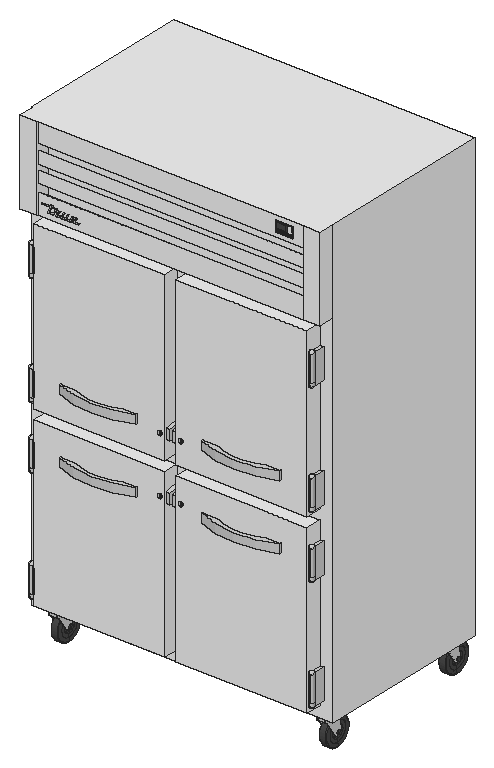
Revit family (continued)
Automatic sketch dimensions
  Extrusion 9 sketch curve to Extrusion 9 sketch curve = 0.06385"
  Extrusion 9 sketch curve to Extrusion 9 sketch curve = 0.02906"
  Extrusion 9 sketch curve to Extrusion 9 sketch curve = 0.02851"
  Extrusion 9 sketch curve to Extrusion 9 sketch curve = 0.29237"
  Extrusion 9 sketch curve to Extrusion 9 sketch curve = 0.00537"
  Extrusion 9 sketch curve to Extrusion 9 sketch curve = 0.0406"
  Extrusion 9 sketch curve to Extrusion 9 sketch curve = 0.04327"
  Extrusion 9 sketch curve to Extrusion 9 sketch curve = 0.02615"
  Extrusion 9 sketch curve to Extrusion 9 sketch curve = 0.11806"
  Extrusion 9 sketch curve to Extrusion 9 sketch curve = 0.15103"
  Extrusion 9 sketch curve to Extrusion 9 sketch curve = 0.10007"
  Extrusion 9 sketch curve to Extrusion 9 sketch curve = 0.5254"
  Extrusion 9 sketch curve to Extrusion 9 sketch curve = 0.14787"
  Extrusion 9 sketch curve to plane 6 "TOP" = 13.64562"
  Extrusion 9 sketch curve to Extrusion 9 sketch curve = 0.07275"
  Extrusion 9 sketch curve to Extrusion 9 sketch curve = 0.05776"
  Extrusion 9 sketch curve to Extrusion 9 sketch curve = 0.08631"
  Extrusion 9 sketch curve to Extrusion 9 sketch curve = 0.09282"
  Extrusion 9 sketch curve to Extrusion 9 sketch curve = 0.13018"
  Extrusion 9 sketch curve to Extrusion 9 sketch curve = 0.16714"
  Extrusion 9 sketch curve to Extrusion 9 sketch curve = 0.11061"
  Extrusion 9 sketch curve to Extrusion 9 sketch curve = 0.06046"
  Extrusion 9 sketch curve to Extrusion 9 sketch curve = 0.16548"
  Extrusion 9 sketch curve to Extrusion 9 sketch curve = 0.14279"
  Extrusion 9 sketch curve to Extrusion 9 sketch curve = 0.0496"
  Extrusion 9 sketch curve to Extrusion 9 sketch curve = 0.07293"
  Extrusion 9 sketch curve to Extrusion 9 sketch curve = 0.07764"
  Extrusion 9 sketch curve to Extrusion 9 sketch curve = 0.03794"
  Extrusion 9 sketch curve to Extrusion 9 sketch curve = 0.08552"
  Extrusion 9 sketch curve to Extrusion 9 sketch curve = 0.09296"
  Extrusion 9 sketch curve to Extrusion 9 sketch curve = 0.09314"
  Extrusion 9 sketch curve to Extrusion 9 sketch curve = 0.02781"
  Extrusion 9 sketch curve to Extrusion 9 sketch curve = 0.04981"
  Extrusion 9 sketch curve to Extrusion 9 sketch curve = 0.09315"
  Extrusion 9 sketch curve to Extrusion 9 sketch curve = 0.04799"
  Extrusion 9 sketch curve to Extrusion 9 sketch curve = 0.02531"
  Extrusion 9 sketch curve to Extrusion 9 sketch curve = 0.03054"
  Extrusion 9 sketch curve to Extrusion 9 sketch curve = 0.2589"
  Extrusion 9 sketch curve to Extrusion 9 sketch curve = 0.0674"
  Extrusion 9 sketch curve to Extrusion 9 sketch curve = 0.0324"
  Extrusion 9 sketch curve to Extrusion 9 sketch curve = 0.26185"
  Extrusion 9 sketch curve to Extrusion 9 sketch curve = 11/256"
  Extrusion 9 sketch curve to Extrusion 9 sketch curve = 0.07366"
  Extrusion 9 sketch curve to Extrusion 9 sketch curve = 0.02187"
  Extrusion 9 sketch curve to Extrusion 9 sketch curve = 0.06479"
  Extrusion 9 sketch curve to Extrusion 9 sketch curve = 0.01183"
  Extrusion 9 sketch curve to Extrusion 9 sketch curve = 0.05778"
  Extrusion 9 sketch curve to Extrusion 9 sketch curve = 0.53375"
  Extrusion 9 sketch curve to Extrusion 9 sketch curve = 0.23098"
  Extrusion 9 sketch curve to Extrusion 9 sketch curve = 0"
  Extrusion 9 sketch curve to Extrusion 9 sketch curve = 0.05045"
  Extrusion 9 sketch curve to Extrusion 9 sketch curve = 0.09139"
  Extrusion 9 sketch curve to Extrusion 9 sketch curve = 29/128"  (x3)
  Extrusion 10 sketch curve to plane 10 = 13/32"
  Extrusion 10 sketch curve to plane 6 "TOP" = 2 1/8"
  plane 5 "FRONT" to Extrusion 11 sketch curve = 0"  (x2)
  plane 9 to Extrusion 11 sketch curve = 4.2625"
  Extrusion 11 sketch curve to Extrusion 11 sketch curve = 2.4"  (x2)
  plane 8 to Extrusion 11 sketch curve = 12 13/32"
  Extrusion 11 sketch curve to Extrusion 11 sketch curve = 0"
  plane 5 "FRONT" to Extrusion 11 sketch curve = 0.2"
  Extrusion 11 sketch curve to plane 5 "FRONT" = 7.77899"
  Extrusion 11 sketch curve to Extrusion 11 sketch curve = 7.30945"
  plane 8 to Blend 12 sketch curve = 15/16"  (x2)
  plane 8 to Blend 12 sketch curve = 3/16"
  plane 7 to Blend 12 sketch curve = 35.99169"
  Blend 12 sketch curve to Blend 12 sketch curve = 1 3/4"
  plane 8 to Blend 12 sketch curve = 0.00527"
  plane 7 to Blend 12 sketch curve = 35.3941"
  Blend 12 sketch curve to Blend 12 sketch curve = 2.78233"
  Blend 13 sketch curve to plane 8 = 1 3/32"
  Blend 13 sketch curve to plane 8 = 11/32"
  plane 7 to Blend 13 sketch curve = 37.74169"
  Blend 13 sketch curve to Blend 13 sketch curve = 1 3/4"
  plane 8 to Blend 13 sketch curve = 1 3/32"
  plane 8 to Blend 13 sketch curve = 0.16152"
  Blend 13 sketch curve to plane 7 = 35.3941"
  Blend 13 sketch curve to Blend 13 sketch curve = 2.78233"
  Extrusion 14 sketch curve to plane 5 "FRONT" = 1/2"
  Extrusion 14 sketch curve to Extrusion 14 sketch curve = 0.43503"
  Extrusion 14 sketch curve to Extrusion 14 sketch curve = 0.20453"
  Extrusion 14 sketch curve to Extrusion 14 sketch curve = 1.61044"
  Extrusion 14 sketch curve to plane 6 "TOP" = 24.88873"
  Extrusion 14 sketch curve to Extrusion 14 sketch curve = 0.71221"
  Extrusion 14 sketch curve to Extrusion 14 sketch curve = 4.39928"
  Revolve 15 sketch curve to plane 5 "FRONT" = 0.07771"  (x2)
  Revolve 15 sketch curve to Revolve 15 sketch curve = 0.38242"
  Revolve 15 sketch curve to Revolve 15 sketch curve = 0.38436"
  Revolve 15 sketch curve to plane 5 "FRONT" = 31/64"
  Revolve 15 sketch curve to Revolve 15 sketch curve = 0.40666"
  Revolve 15 sketch curve to Revolve 15 sketch curve = 0"
  Revolve 15 sketch curve to plane 6 "TOP" = 25.07719"
  Revolve 15 sketch curve to Revolve 15 sketch curve = 0.32931"
  Revolve 15 sketch curve to Revolve 15 sketch curve = 0.51246"
  Revolve 15 sketch curve to Revolve 15 sketch curve = 0.05342"
  Revolve 15 sketch curve to Revolve 15 sketch curve = 4.42889"
  Revolve 15 sketch curve to Revolve 15 sketch curve = 0.04281"
  Revolve 15 sketch curve to Revolve 15 sketch curve = 0.18929"
  Revolve 15 sketch curve to Revolve 15 sketch curve = 0.55526"
  Extrusion 16 sketch curve to plane 9 = 0.96009"
  Extrusion 16 sketch curve to Extrusion 16 sketch curve = 0.39759"
  Extrusion 16 sketch curve to plane 6 "TOP" = 24.12421"
  Extrusion 16 sketch curve to Extrusion 16 sketch curve = 4.47281"
  Extrusion 17 sketch curve to plane 5 "FRONT" = 1/2"
  Extrusion 17 sketch curve to Extrusion 17 sketch curve = 0.43503"
  Extrusion 17 sketch curve to Extrusion 17 sketch curve = 0.20453"
  Extrusion 17 sketch curve to Extrusion 17 sketch curve = 1.61044"
  plane 7 to Extrusion 17 sketch curve = 33.61127"
  Extrusion 17 sketch curve to Extrusion 17 sketch curve = 0.71221"
  Extrusion 17 sketch curve to Extrusion 17 sketch curve = 4.39928"
  Revolve 18 sketch curve to plane 5 "FRONT" = 0.07771"  (x2)
  Revolve 18 sketch curve to Revolve 18 sketch curve = 0.38242"
  Revolve 18 sketch curve to Revolve 18 sketch curve = 0.38436"
  Revolve 18 sketch curve to plane 5 "FRONT" = 31/64"
  Revolve 18 sketch curve to Revolve 18 sketch curve = 0.40666"
  Revolve 18 sketch curve to Revolve 18 sketch curve = 0"
  plane 7 to Revolve 18 sketch curve = 33.42281"
  Revolve 18 sketch curve to Revolve 18 sketch curve = 0.32931"
  Revolve 18 sketch curve to Revolve 18 sketch curve = 0.51246"
  Revolve 18 sketch curve to Revolve 18 sketch curve = 0.05342"
  Revolve 18 sketch curve to Revolve 18 sketch curve = 4.42889"
  Revolve 18 sketch curve to Revolve 18 sketch curve = 0.04281"
  Revolve 18 sketch curve to Revolve 18 sketch curve = 0.18929"
  Revolve 18 sketch curve to Revolve 18 sketch curve = 0.55526"
  Extrusion 19 sketch curve to plane 9 = 0.96009"
  Extrusion 19 sketch curve to Extrusion 19 sketch curve = 0.39759"
  plane 7 to Extrusion 19 sketch curve = 34.37579"
  Extrusion 19 sketch curve to Extrusion 19 sketch curve = 4.47281"
  Extrusion 20 sketch curve to plane 5 "FRONT" = 1/2"
  Extrusion 20 sketch curve to Extrusion 20 sketch curve = 0.43503"
  Extrusion 20 sketch curve to Extrusion 20 sketch curve = 0.20453"
  Extrusion 20 sketch curve to Extrusion 20 sketch curve = 1.61044"
  plane 7 to Extrusion 20 sketch curve = 22.61127"
  Extrusion 20 sketch curve to Extrusion 20 sketch curve = 0.71221"
  Extrusion 20 sketch curve to Extrusion 20 sketch curve = 4.39928"
  Revolve 21 sketch curve to plane 5 "FRONT" = 0.07771"  (x2)
  Revolve 21 sketch curve to Revolve 21 sketch curve = 0.38242"
  Revolve 21 sketch curve to Revolve 21 sketch curve = 0.38436"
  Revolve 21 sketch curve to plane 5 "FRONT" = 31/64"
  Revolve 21 sketch curve to Revolve 21 sketch curve = 0.40666"
  Revolve 21 sketch curve to Revolve 21 sketch curve = 0"
  plane 7 to Revolve 21 sketch curve = 22.42281"
  Revolve 21 sketch curve to Revolve 21 sketch curve = 0.32931"
  Revolve 21 sketch curve to Revolve 21 sketch curve = 0.51246"
  Revolve 21 sketch curve to Revolve 21 sketch curve = 0.05342"
  Revolve 21 sketch curve to Revolve 21 sketch curve = 4.42889"
  Revolve 21 sketch curve to Revolve 21 sketch curve = 0.04281"
  Revolve 21 sketch curve to Revolve 21 sketch curve = 0.18929"
  Revolve 21 sketch curve to Revolve 21 sketch curve = 0.55526"
  Extrusion 22 sketch curve to plane 9 = 0.96009"
  Extrusion 22 sketch curve to Extrusion 22 sketch curve = 0.39759"
  plane 7 to Extrusion 22 sketch curve = 23.37579"
  Extrusion 22 sketch curve to Extrusion 22 sketch curve = 4.47281"
  Extrusion 23 sketch curve to plane 5 "FRONT" = 1/2"
  Extrusion 23 sketch curve to Extrusion 23 sketch curve = 0.43503"
  Extrusion 23 sketch curve to Extrusion 23 sketch curve = 0.20453"
  Extrusion 23 sketch curve to Extrusion 23 sketch curve = 1.61044"
  plane 7 to Extrusion 23 sketch curve = 2.86127"
  Extrusion 23 sketch curve to Extrusion 23 sketch curve = 0.71221"
  Extrusion 23 sketch curve to Extrusion 23 sketch curve = 4.39928"
  Revolve 24 sketch curve to plane 5 "FRONT" = 0.07771"  (x2)
  Revolve 24 sketch curve to Revolve 24 sketch curve = 0.38242"
  Revolve 24 sketch curve to Revolve 24 sketch curve = 0.38436"
  Revolve 24 sketch curve to plane 5 "FRONT" = 31/64"
  Revolve 24 sketch curve to Revolve 24 sketch curve = 0.40666"
  Revolve 24 sketch curve to Revolve 24 sketch curve = 0"
  plane 7 to Revolve 24 sketch curve = 2.67281"
  Revolve 24 sketch curve to Revolve 24 sketch curve = 0.32931"
  Revolve 24 sketch curve to Revolve 24 sketch curve = 0.51246"
  Revolve 24 sketch curve to Revolve 24 sketch curve = 0.05342"
  Revolve 24 sketch curve to Revolve 24 sketch curve = 4.42889"
  Revolve 24 sketch curve to Revolve 24 sketch curve = 0.04281"
  Revolve 24 sketch curve to Revolve 24 sketch curve = 0.18929"
  Revolve 24 sketch curve to Revolve 24 sketch curve = 0.55526"
  Extrusion 25 sketch curve to plane 9 = 0.96009"
  Extrusion 25 sketch curve to Extrusion 25 sketch curve = 0.39759"
  plane 7 to Extrusion 25 sketch curve = 3.62579"
  Extrusion 25 sketch curve to Extrusion 25 sketch curve = 4.47281"
  Extrusion 26 sketch curve to plane 5 "FRONT" = 1/2"
  Extrusion 26 sketch curve to Extrusion 26 sketch curve = 0.43503"
  Extrusion 26 sketch curve to Extrusion 26 sketch curve = 0.20453"
  Extrusion 26 sketch curve to Extrusion 26 sketch curve = 1.61044"
  Extrusion 26 sketch curve to plane 6 "TOP" = 19.57271"
  Extrusion 26 sketch curve to Extrusion 26 sketch curve = 4.39928"
  Extrusion 26 sketch curve to Extrusion 26 sketch curve = 0.71221"
  Revolve 27 sketch curve to plane 5 "FRONT" = 0.07771"  (x2)
  Revolve 27 sketch curve to Revolve 27 sketch curve = 0.38242"
  Revolve 27 sketch curve to Revolve 27 sketch curve = 0.38436"
  Revolve 27 sketch curve to plane 5 "FRONT" = 31/64"
  Revolve 27 sketch curve to Revolve 27 sketch curve = 0.40666"
  Revolve 27 sketch curve to Revolve 27 sketch curve = 0"
  Revolve 27 sketch curve to plane 6 "TOP" = 18.75492"
  Revolve 27 sketch curve to Revolve 27 sketch curve = 0.55526"
  Revolve 27 sketch curve to Revolve 27 sketch curve = 0.19474"
  Revolve 27 sketch curve to Revolve 27 sketch curve = 0.14649"
  Revolve 27 sketch curve to Revolve 27 sketch curve = 4.42889"
  Revolve 27 sketch curve to Revolve 27 sketch curve = 0.05342"
  Revolve 27 sketch curve to Revolve 27 sketch curve = 0.51246"
  Revolve 27 sketch curve to Revolve 27 sketch curve = 0.05889"
  plane 10 to Extrusion 28 sketch curve = 0.80384"
  Extrusion 28 sketch curve to Extrusion 28 sketch curve = 0.39759"
  Extrusion 28 sketch curve to plane 6 "TOP" = 19.6514"
  Extrusion 28 sketch curve to Extrusion 28 sketch curve = 4.47281"
  Extrusion 29 sketch curve to plane 5 "FRONT" = 1/2"
  Extrusion 29 sketch curve to Extrusion 29 sketch curve = 0.43503"
  Extrusion 29 sketch curve to Extrusion 29 sketch curve = 0.20453"
  Extrusion 29 sketch curve to Extrusion 29 sketch curve = 1.61044"
  plane 7 to Extrusion 29 sketch curve = 38.92729"
  Extrusion 29 sketch curve to Extrusion 29 sketch curve = 4.39928"
  Extrusion 29 sketch curve to Extrusion 29 sketch curve = 0.71221"
  Revolve 30 sketch curve to plane 5 "FRONT" = 0.07771"  (x2)
  Revolve 30 sketch curve to Revolve 30 sketch curve = 0.38242"
  Revolve 30 sketch curve to Revolve 30 sketch curve = 0.38436"
  Revolve 30 sketch curve to plane 5 "FRONT" = 31/64"
  Revolve 30 sketch curve to Revolve 30 sketch curve = 0.40666"
  Revolve 30 sketch curve to Revolve 30 sketch curve = 0"
  Revolve 30 sketch curve to plane 6 "TOP" = 38.25492"
  Revolve 30 sketch curve to Revolve 30 sketch curve = 0.55526"
  Revolve 30 sketch curve to Revolve 30 sketch curve = 0.19474"
  Revolve 30 sketch curve to Revolve 30 sketch curve = 0.14649"
  Revolve 30 sketch curve to Revolve 30 sketch curve = 4.42889"
  Revolve 30 sketch curve to Revolve 30 sketch curve = 0.05342"
  Revolve 30 sketch curve to Revolve 30 sketch curve = 0.51246"
  Revolve 30 sketch curve to Revolve 30 sketch curve = 0.05889"
  plane 10 to Extrusion 31 sketch curve = 0.80384"
  Extrusion 31 sketch curve to Extrusion 31 sketch curve = 0.39759"
  plane 7 to Extrusion 31 sketch curve = 38.8486"
  Extrusion 31 sketch curve to Extrusion 31 sketch curve = 4.47281"
  Extrusion 32 sketch curve to plane 5 "FRONT" = 1/2"
  Extrusion 32 sketch curve to Extrusion 32 sketch curve = 0.43503"
  Extrusion 32 sketch curve to Extrusion 32 sketch curve = 0.20453"
  Extrusion 32 sketch curve to Extrusion 32 sketch curve = 1.61044"
  plane 7 to Extrusion 32 sketch curve = 27.92729"
  Extrusion 32 sketch curve to Extrusion 32 sketch curve = 4.39928"
  Extrusion 32 sketch curve to Extrusion 32 sketch curve = 0.71221"
  Revolve 33 sketch curve to plane 5 "FRONT" = 0.07771"  (x2)
  Revolve 33 sketch curve to Revolve 33 sketch curve = 0.38242"
  Revolve 33 sketch curve to Revolve 33 sketch curve = 0.38436"
  Revolve 33 sketch curve to plane 5 "FRONT" = 31/64"
  Revolve 33 sketch curve to Revolve 33 sketch curve = 0.40666"
  Revolve 33 sketch curve to Revolve 33 sketch curve = 0"
  plane 7 to Revolve 33 sketch curve = 28.74508"
  Revolve 33 sketch curve to Revolve 33 sketch curve = 0.55526"
  Revolve 33 sketch curve to Revolve 33 sketch curve = 0.19474"
  Revolve 33 sketch curve to Revolve 33 sketch curve = 0.14649"
  Revolve 33 sketch curve to Revolve 33 sketch curve = 4.42889"
  Revolve 33 sketch curve to Revolve 33 sketch curve = 0.05342"
  Revolve 33 sketch curve to Revolve 33 sketch curve = 0.51246"
  Revolve 33 sketch curve to Revolve 33 sketch curve = 0.05889"
  plane 10 to Extrusion 34 sketch curve = 0.80384"
  Extrusion 34 sketch curve to Extrusion 34 sketch curve = 0.39759"
  plane 7 to Extrusion 34 sketch curve = 27.8486"
  Extrusion 34 sketch curve to Extrusion 34 sketch curve = 4.47281"
  Extrusion 35 sketch curve to plane 5 "FRONT" = 1/2"
  Extrusion 35 sketch curve to Extrusion 35 sketch curve = 0.43503"
  Extrusion 35 sketch curve to Extrusion 35 sketch curve = 0.20453"
  Extrusion 35 sketch curve to Extrusion 35 sketch curve = 1.61044"
  plane 7 to Extrusion 35 sketch curve = 8.17729"
  plane 7 to Extrusion 35 sketch curve = 3.57348"
  Extrusion 35 sketch curve to Extrusion 35 sketch curve = 0.71221"
  Revolve 36 sketch curve to plane 5 "FRONT" = 0.07771"  (x2)
  Revolve 36 sketch curve to Revolve 36 sketch curve = 0.38242"
  Revolve 36 sketch curve to Revolve 36 sketch curve = 0.38436"
  Revolve 36 sketch curve to plane 5 "FRONT" = 31/64"
  Revolve 36 sketch curve to Revolve 36 sketch curve = 0.40666"
  Revolve 36 sketch curve to Revolve 36 sketch curve = 0"
  plane 7 to Revolve 36 sketch curve = 8.99508"
  Revolve 36 sketch curve to Revolve 36 sketch curve = 0.55526"
  Revolve 36 sketch curve to Revolve 36 sketch curve = 0.19474"
  Revolve 36 sketch curve to Revolve 36 sketch curve = 0.14649"
  plane 7 to Revolve 36 sketch curve = 3.62689"
  Revolve 36 sketch curve to Revolve 36 sketch curve = 0.05342"
  Revolve 36 sketch curve to Revolve 36 sketch curve = 0.51246"
  Revolve 36 sketch curve to Revolve 36 sketch curve = 0.05889"
  plane 10 to Extrusion 37 sketch curve = 0.80384"
  Extrusion 37 sketch curve to Extrusion 37 sketch curve = 0.39759"
  plane 7 to Extrusion 37 sketch curve = 8.0986"
  plane 7 to Extrusion 37 sketch curve = 3.62579"
  Revolve 38 sketch curve to plane 10 = 1.50773"
  Revolve 38 sketch curve to Revolve 38 sketch curve = 0.48273"
  Revolve 38 sketch curve to plane 10 = 5/8"  (x2)
  Revolve 38 sketch curve to Revolve 38 sketch curve = 0.1"  (x2)
  Revolve 38 sketch curve to Revolve 38 sketch curve = 0.16101"
  plane 10 to Revolve 38 sketch curve = 0.12908"
  plane 10 to Revolve 38 sketch curve = 0.46399"
  plane 10 to Revolve 38 sketch curve = 0.525"
  Revolve 38 sketch curve to Revolve 38 sketch curve = 1/2"
  Revolve 38 sketch curve to Revolve 38 sketch curve = 0.16509"
  Revolve 38 sketch curve to Revolve 38 sketch curve = 0.39592"
  level to Revolve 38 sketch curve = 2 1/2"
  Revolve 38 sketch curve to Revolve 38 sketch curve = 0"
  Revolve 38 sketch curve to Revolve 38 sketch curve = 0.29941"  (x2)
  Revolve 38 sketch curve to Revolve 38 sketch curve = 3/4"  (x4)
  Revolve 38 sketch curve to Revolve 38 sketch curve = 0.59652"
  Revolve 38 sketch curve to Revolve 38 sketch curve = 0.60059"
  Extrusion 39 sketch curve to plane 7 = 0.63926"  (x2)
  Extrusion 39 sketch curve to plane 5 "FRONT" = 3.79864"
  Extrusion 39 sketch curve to Extrusion 39 sketch curve = 1/4"  (x2)
  level to Extrusion 39 sketch curve = 2.18736"  (x2)
  Extrusion 39 sketch curve to Extrusion 39 sketch curve = 1.7492"
  Extrusion 39 sketch curve to Extrusion 39 sketch curve = 0.50669"  (x2)
  Extrusion 39 sketch curve to Extrusion 39 sketch curve = 2 1/2"
  level to Extrusion 39 sketch curve = 2.59003"
  Extrusion 39 sketch curve to Extrusion 39 sketch curve = 0.59966"  (x2)
  plane 1 "BACK" to Extrusion 39 sketch curve = 3.8577"
  plane 1 "BACK" to Extrusion 39 sketch curve = 1.8585"
  plane 1 "BACK" to Extrusion 39 sketch curve = 1.1077"
  Extrusion 39 sketch curve to Extrusion 39 sketch curve = 0.32905"
  Extrusion 39 sketch curve to Extrusion 39 sketch curve = 0.60485"  (x2)
  Extrusion 40 sketch curve to plane 7 = 0.63926"  (x2)
  Extrusion 40 sketch curve to plane 5 "FRONT" = 3.79864"
  Extrusion 40 sketch curve to Extrusion 40 sketch curve = 1/4"  (x2)
  level to Extrusion 40 sketch curve = 2.18736"  (x2)
  Extrusion 40 sketch curve to Extrusion 40 sketch curve = 1.7492"
  Extrusion 40 sketch curve to Extrusion 40 sketch curve = 0.50669"  (x2)
  Extrusion 40 sketch curve to Extrusion 40 sketch curve = 2 1/2"
  level to Extrusion 40 sketch curve = 2.59003"
  Extrusion 40 sketch curve to Extrusion 40 sketch curve = 0.59966"  (x2)
  plane 1 "BACK" to Extrusion 40 sketch curve = 3.8577"
  plane 1 "BACK" to Extrusion 40 sketch curve = 1.8585"
  plane 1 "BACK" to Extrusion 40 sketch curve = 1.1077"
  Extrusion 40 sketch curve to Extrusion 40 sketch curve = 0.32905"
  Extrusion 40 sketch curve to Extrusion 40 sketch curve = 0.60485"  (x2)
  Revolve 41 sketch curve to plane 10 = 0"  (x2)
  Revolve 41 sketch curve to plane 7 = 0.62954"
  Revolve 41 sketch curve to plane 10 = 1.29707"
  Revolve 41 sketch curve to Revolve 41 sketch curve = 0.10278"
  Revolve 41 sketch curve to plane 7 = 0.00141"
  plane 7 to Revolve 41 sketch curve = 0.26768"
  Revolve 42 sketch curve to level = 0"
  Revolve 42 sketch curve to plane 10 = 0"  (x2)
  Revolve 42 sketch curve to plane 10 = 1/2"
  Revolve 42 sketch curve to Revolve 42 sketch curve = 1/4"
  Revolve 42 sketch curve to plane 7 = 0"
  Revolve 42 sketch curve to Revolve 42 sketch curve = 1.33338"
  level to Revolve 42 sketch curve = 1"
  Revolve 42 sketch curve to Revolve 42 sketch curve = 5/8"
  plane 7 to Revolve 42 sketch curve = 1 25/32"
  Revolve 43 sketch curve to level = 0"
  Revolve 43 sketch curve to plane 10 = 0"  (x2)
  Revolve 43 sketch curve to plane 10 = 1/2"
  Revolve 43 sketch curve to Revolve 43 sketch curve = 1/4"
  Revolve 43 sketch curve to plane 7 = 0"
  Revolve 43 sketch curve to Revolve 43 sketch curve = 1.33338"
  level to Revolve 43 sketch curve = 1"
  Revolve 43 sketch curve to Revolve 43 sketch curve = 5/8"
  plane 7 to Revolve 43 sketch curve = 1 25/32"
  Revolve 44 sketch curve to plane 10 = 0"  (x2)
  Revolve 44 sketch curve to plane 7 = 0.62954"
  Revolve 44 sketch curve to plane 10 = 1.29707"
  Revolve 44 sketch curve to Revolve 44 sketch curve = 0.10278"
  Revolve 44 sketch curve to plane 7 = 0.00141"
  plane 7 to Revolve 44 sketch curve = 0.26768"
  Extrusion 45 sketch curve to plane 7 = 0.63926"  (x2)
  Extrusion 45 sketch curve to plane 5 "FRONT" = 3.79864"
  Extrusion 45 sketch curve to Extrusion 45 sketch curve = 1/4"  (x2)
  Extrusion 45 sketch curve to Extrusion 45 sketch curve = 2 1/2"
  Extrusion 45 sketch curve to plane 7 = 0.93273"  (x2)
  Extrusion 45 sketch curve to Extrusion 45 sketch curve = 0.03603"
  plane 1 "BACK" to Extrusion 45 sketch curve = 3.8577"
  Extrusion 45 sketch curve to plane 7 = 1.24411"
  plane 1 "BACK" to Extrusion 45 sketch curve = 1.1077"
  Revolve 46 sketch curve to plane 10 = 1.50773"
  Revolve 46 sketch curve to Revolve 46 sketch curve = 0.48273"
  Revolve 46 sketch curve to plane 10 = 5/8"  (x2)
  Revolve 46 sketch curve to Revolve 46 sketch curve = 0.1"  (x2)
  Revolve 46 sketch curve to Revolve 46 sketch curve = 0.16101"
  plane 10 to Revolve 46 sketch curve = 0.12908"
  plane 10 to Revolve 46 sketch curve = 0.46399"
  plane 10 to Revolve 46 sketch curve = 0.525"
  Revolve 46 sketch curve to Revolve 46 sketch curve = 1/2"
  Revolve 46 sketch curve to Revolve 46 sketch curve = 0.16509"
  Revolve 46 sketch curve to Revolve 46 sketch curve = 0.39592"
  level to Revolve 46 sketch curve = 2 1/2"
  Revolve 46 sketch curve to Revolve 46 sketch curve = 0"
  Revolve 46 sketch curve to Revolve 46 sketch curve = 0.29941"  (x2)
  Revolve 46 sketch curve to Revolve 46 sketch curve = 3/4"  (x4)
  Revolve 46 sketch curve to Revolve 46 sketch curve = 0.59652"
  Revolve 46 sketch curve to Revolve 46 sketch curve = 0.60059"
  plane 3 "LEFT" to Revolve 47 sketch curve = 1.33602"
  Revolve 47 sketch curve to Revolve 47 sketch curve = 0.48273"
  Revolve 47 sketch curve to plane 9 = 5/8"  (x2)
  Revolve 47 sketch curve to Revolve 47 sketch curve = 0.1"  (x2)
  Revolve 47 sketch curve to Revolve 47 sketch curve = 0.16101"
  plane 9 to Revolve 47 sketch curve = 0.12908"
  plane 9 to Revolve 47 sketch curve = 0.46399"
  plane 9 to Revolve 47 sketch curve = 0.525"
  Revolve 47 sketch curve to Revolve 47 sketch curve = 1/2"
  Revolve 47 sketch curve to Revolve 47 sketch curve = 0.16509"
  Revolve 47 sketch curve to Revolve 47 sketch curve = 0.39592"
  level to Revolve 47 sketch curve = 2 1/2"
  Revolve 47 sketch curve to Revolve 47 sketch curve = 0"
  Revolve 47 sketch curve to Revolve 47 sketch curve = 0.29941"  (x2)
  Revolve 47 sketch curve to Revolve 47 sketch curve = 3/4"  (x4)
  Revolve 47 sketch curve to Revolve 47 sketch curve = 0.59652"
  Revolve 47 sketch curve to Revolve 47 sketch curve = 0.60059"
  Extrusion 48 sketch curve to plane 7 = 0.63926"  (x2)
  Extrusion 48 sketch curve to plane 5 "FRONT" = 3.79864"
  Extrusion 48 sketch curve to Extrusion 48 sketch curve = 1/4"  (x2)
  level to Extrusion 48 sketch curve = 2.18736"  (x2)
  Extrusion 48 sketch curve to Extrusion 48 sketch curve = 1.7492"
  Extrusion 48 sketch curve to Extrusion 48 sketch curve = 0.50669"  (x2)
  Extrusion 48 sketch curve to Extrusion 48 sketch curve = 2 1/2"
  level to Extrusion 48 sketch curve = 2.59003"
  Extrusion 48 sketch curve to Extrusion 48 sketch curve = 0.59966"  (x2)
  plane 1 "BACK" to Extrusion 48 sketch curve = 3.8577"
  plane 1 "BACK" to Extrusion 48 sketch curve = 1.8585"
  plane 1 "BACK" to Extrusion 48 sketch curve = 1.1077"
  Extrusion 48 sketch curve to Extrusion 48 sketch curve = 0.32905"
  Extrusion 48 sketch curve to Extrusion 48 sketch curve = 0.60485"  (x2)
  Extrusion 49 sketch curve to plane 7 = 0.63926"  (x2)
  Extrusion 49 sketch curve to plane 5 "FRONT" = 3.79864"
  Extrusion 49 sketch curve to Extrusion 49 sketch curve = 1/4"  (x2)
  level to Extrusion 49 sketch curve = 2.18736"  (x2)
  Extrusion 49 sketch curve to Extrusion 49 sketch curve = 1.7492"
  Extrusion 49 sketch curve to Extrusion 49 sketch curve = 0.50669"  (x2)
  Extrusion 49 sketch curve to Extrusion 49 sketch curve = 2 1/2"
  level to Extrusion 49 sketch curve = 2.59003"
  Extrusion 49 sketch curve to Extrusion 49 sketch curve = 0.59966"  (x2)
  plane 1 "BACK" to Extrusion 49 sketch curve = 3.8577"
  plane 1 "BACK" to Extrusion 49 sketch curve = 1.8585"
  plane 1 "BACK" to Extrusion 49 sketch curve = 1.1077"
  Extrusion 49 sketch curve to Extrusion 49 sketch curve = 0.32905"
  Extrusion 49 sketch curve to Extrusion 49 sketch curve = 0.60485"  (x2)
  Revolve 50 sketch curve to plane 9 = 0"  (x2)
  Revolve 50 sketch curve to plane 7 = 0.62954"
  Revolve 50 sketch curve to plane 9 = 1.29707"
  Revolve 50 sketch curve to Revolve 50 sketch curve = 0.10278"
  Revolve 50 sketch curve to plane 7 = 0.00141"
  plane 7 to Revolve 50 sketch curve = 0.26768"
  Revolve 51 sketch curve to level = 0"
  Revolve 51 sketch curve to plane 9 = 0"  (x2)
  Revolve 51 sketch curve to plane 9 = 1/2"
  Revolve 51 sketch curve to Revolve 51 sketch curve = 1/4"
  Revolve 51 sketch curve to plane 7 = 0"
  Revolve 51 sketch curve to plane 9 = 1.33338"
  level to Revolve 51 sketch curve = 1"
  Revolve 51 sketch curve to Revolve 51 sketch curve = 5/8"
  plane 7 to Revolve 51 sketch curve = 1 25/32"
  Revolve 52 sketch curve to level = 0"
  Revolve 52 sketch curve to plane 9 = 0"  (x2)
  Revolve 52 sketch curve to plane 9 = 1/2"
  Revolve 52 sketch curve to Revolve 52 sketch curve = 1/4"
  Revolve 52 sketch curve to plane 7 = 0"
  Revolve 52 sketch curve to plane 9 = 1.33338"
  level to Revolve 52 sketch curve = 1"
  Revolve 52 sketch curve to Revolve 52 sketch curve = 5/8"
  plane 7 to Revolve 52 sketch curve = 1 25/32"
  Revolve 53 sketch curve to plane 9 = 0"  (x2)
  Revolve 53 sketch curve to plane 7 = 0.62954"
  Revolve 53 sketch curve to plane 9 = 1.29707"
  Revolve 53 sketch curve to Revolve 53 sketch curve = 0.10278"
  Revolve 53 sketch curve to plane 7 = 0.00141"
  plane 7 to Revolve 53 sketch curve = 0.26768"
  Extrusion 54 sketch curve to plane 7 = 0.63926"  (x2)
  Extrusion 54 sketch curve to plane 5 "FRONT" = 3.79864"
  Extrusion 54 sketch curve to Extrusion 54 sketch curve = 1/4"  (x2)
  Extrusion 54 sketch curve to Extrusion 54 sketch curve = 2 1/2"
  Extrusion 54 sketch curve to plane 7 = 0.93273"  (x2)
  Extrusion 54 sketch curve to Extrusion 54 sketch curve = 0.03603"
  plane 1 "BACK" to Extrusion 54 sketch curve = 3.8577"
  Extrusion 54 sketch curve to plane 7 = 1.24411"
  plane 1 "BACK" to Extrusion 54 sketch curve = 1.1077"
  plane 3 "LEFT" to Revolve 55 sketch curve = 1.33602"
  Revolve 55 sketch curve to Revolve 55 sketch curve = 0.48273"
  Revolve 55 sketch curve to plane 9 = 5/8"  (x2)
  Revolve 55 sketch curve to Revolve 55 sketch curve = 0.1"  (x2)
  Revolve 55 sketch curve to Revolve 55 sketch curve = 0.16101"
  plane 9 to Revolve 55 sketch curve = 0.12908"
  plane 9 to Revolve 55 sketch curve = 0.46399"
  plane 9 to Revolve 55 sketch curve = 0.525"
  Revolve 55 sketch curve to Revolve 55 sketch curve = 1/2"
  Revolve 55 sketch curve to Revolve 55 sketch curve = 0.16509"
  Revolve 55 sketch curve to Revolve 55 sketch curve = 0.39592"
  level to Revolve 55 sketch curve = 2 1/2"
  Revolve 55 sketch curve to Revolve 55 sketch curve = 0"
  Revolve 55 sketch curve to Revolve 55 sketch curve = 0.29941"  (x2)
  Revolve 55 sketch curve to Revolve 55 sketch curve = 3/4"  (x4)
  Revolve 55 sketch curve to Revolve 55 sketch curve = 0.59652"
  Revolve 55 sketch curve to Revolve 55 sketch curve = 0.60059"
  Extrusion 56 sketch curve to plane 6 "TOP" = 2.55982"
  Extrusion 56 sketch curve to plane 10 = 5.12093"
  Extrusion 56 sketch curve to plane 10 = 2.21468"
  Extrusion 56 sketch curve to plane 6 "TOP" = 13/16"
  Extrusion 57 sketch curve to plane 6 "TOP" = 3/4"
  Extrusion 57 sketch curve to plane 10 = 5.18343"
  Extrusion 57 sketch curve to Extrusion 57 sketch curve = 1/16"  (x4)
  Extrusion 57 sketch curve to Extrusion 57 sketch curve = 0.1375"  (x2)
  Extrusion 57 sketch curve to Extrusion 57 sketch curve = 1/4"  (x4)
  Extrusion 57 sketch curve to Extrusion 57 sketch curve = 0.44601"
  Extrusion 57 sketch curve to Extrusion 57 sketch curve = 1/2"  (x2)
  Extrusion 57 sketch curve to Extrusion 57 sketch curve = 0.0035"
  Extrusion 57 sketch curve to Extrusion 57 sketch curve = 1.06923"
  Extrusion 57 sketch curve to plane 6 "TOP" = 0.95"
  Extrusion 57 sketch curve to Extrusion 57 sketch curve = 1"
  Extrusion 57 sketch curve to Extrusion 57 sketch curve = 0.34106"  (x3)
  Extrusion 57 sketch curve to Extrusion 57 sketch curve = 0"
  Extrusion 57 sketch curve to Extrusion 57 sketch curve = 0.26876"
  Extrusion 59 sketch curve to plane 9 = 0"
  Extrusion 59 sketch curve to plane 5 "FRONT" = 5.09023"
  Extrusion 60 sketch curve to plane 9 = 0"
  plane 1 "BACK" to Extrusion 60 sketch curve = 2.69102"
  Extrusion 61 sketch curve to plane 10 = 0"
  plane 1 "BACK" to Extrusion 61 sketch curve = 2.69102"
  Extrusion 62 sketch curve to plane 10 = 0"
  Extrusion 62 sketch curve to plane 5 "FRONT" = 5.09023"
  plane 5 "FRONT" to Extrusion 63 sketch curve = 0"  (x2)
  plane 10 to Extrusion 63 sketch curve = 13/32"
  Extrusion 63 sketch curve to plane 8 = 1 3/32"
  plane 8 to Extrusion 63 sketch curve = 15/16"
  Extrusion 63 sketch curve to plane 9 = 9/16"
  plane 8 to Extrusion 64 sketch curve = 1 193/256"
  Extrusion 64 sketch curve to Extrusion 64 sketch curve = 9/256"
  Extrusion 64 sketch curve to Extrusion 64 sketch curve = 0.0555"  (x2)
  Extrusion 64 sketch curve to plane 8 = 1.8859"
  Extrusion 64 sketch curve to Extrusion 64 sketch curve = 0.02035"
  plane 7 to Extrusion 64 sketch curve = 26.66365"
  Extrusion 64 sketch curve to Extrusion 64 sketch curve = 0"
  Extrusion 64 sketch curve to Extrusion 64 sketch curve = 0.27385"  (x2)
  Extrusion 64 sketch curve to Extrusion 64 sketch curve = 0.29355"  (x2)
  plane 8 to Blend 65 sketch curve = 15/16"
  plane 8 to Blend 65 sketch curve = 3/16"
  plane 7 to Blend 65 sketch curve = 26.00831"
  Blend 65 sketch curve to Blend 65 sketch curve = 1 3/4"
  Blend 65 sketch curve to plane 8 = 15/16"
  Blend 65 sketch curve to plane 8 = 0.00527"
  Blend 65 sketch curve to plane 7 = 28.3559"
  Blend 65 sketch curve to Blend 65 sketch curve = 2.78233"
  Blend 66 sketch curve to plane 8 = 1 3/32"  (x2)
  Blend 66 sketch curve to plane 8 = 11/32"
  plane 7 to Blend 66 sketch curve = 27.75831"
  Blend 66 sketch curve to Blend 66 sketch curve = 1 3/4"
  Blend 66 sketch curve to plane 8 = 0.16152"
  plane 7 to Blend 66 sketch curve = 28.3559"
  Blend 66 sketch curve to Blend 66 sketch curve = 2.78233"
  plane 5 "FRONT" to Extrusion 67 sketch curve = 0"  (x2)
  Extrusion 67 sketch curve to plane 8 = 5.7625"
  Extrusion 67 sketch curve to Extrusion 67 sketch curve = 2.4"  (x2)
  Extrusion 67 sketch curve to Extrusion 67 sketch curve = 4.4"
  Extrusion 67 sketch curve to Extrusion 67 sketch curve = 0"
  Extrusion 67 sketch curve to Extrusion 67 sketch curve = 0.2"
  Extrusion 67 sketch curve to plane 5 "FRONT" = 7.77899"
  Extrusion 67 sketch curve to Extrusion 67 sketch curve = 7.30945"
  plane 5 "FRONT" to Extrusion 68 sketch curve = 0"  (x2)
  plane 9 to Extrusion 68 sketch curve = 4.2625"
  Extrusion 68 sketch curve to Extrusion 68 sketch curve = 2.4"  (x2)
  plane 8 to Extrusion 68 sketch curve = 12 13/32"
  Extrusion 68 sketch curve to Extrusion 68 sketch curve = 0"
  plane 5 "FRONT" to Extrusion 68 sketch curve = 0.2"
  Extrusion 68 sketch curve to plane 5 "FRONT" = 7.77899"
  Extrusion 68 sketch curve to Extrusion 68 sketch curve = 7.30945"
  plane 5 "FRONT" to Extrusion 58 sketch curve = 0"  (x2)
  plane 10 to Extrusion 58 sketch curve = 13/32"
  Extrusion 58 sketch curve to plane 12 = 15/16"
  plane 8 to Extrusion 58 sketch curve = 15/16"
  Extrusion 58 sketch curve to plane 9 = 9/16"
  radius of Extrusion 8 sketch curve = 0.35"  (x2)
  radius of Extrusion 10 sketch curve = 1/4"
  radius of Extrusion 59 sketch curve = 1 1/2"
  radius of Extrusion 60 sketch curve = 1 1/2"
  radius of Extrusion 61 sketch curve = 1 1/2"
  radius of Extrusion 62 sketch curve = 1 1/2"
  radius of Extrusion 64 sketch curve = 0.35"  (x2)
Connectors (in)
  electrical at (49.53125, -0.0625, 82), driven by "Volts", driven by "Watts"
    settings: on Extrusion 10, index 1, voltage 208 V, apparent load 3000 VA, apparent load phase1 0 VA, apparent load phase2 0 VA, apparent load phase3 0 VA, power factor 1, load classification "Other", number of poles 1, system type 30, power factor state 1, is connector primary yes, connector utility no, sub classification motor no, connector description "Electrical Connection"
